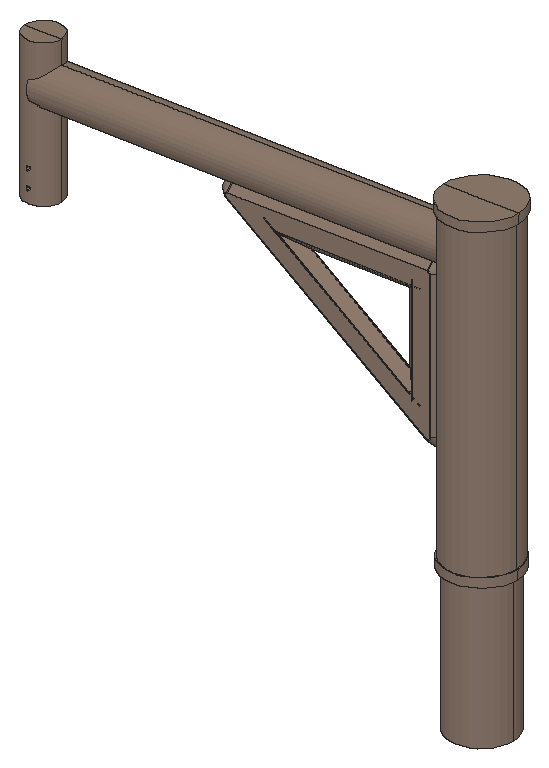
Revit family "PA392", category Generic Models, Revit 2014
Parameters
  TOP CAP = Bronze, Architectural
  TENON = Bronze, Architectural
  OUTLET = Bronze, Architectural
  BODY = Bronze, Architectural
  ARM02 = Bronze, Architectural
  ARM = Bronze, Architectural
Reference planes (in)
  plane 1 "Center (Front/Back)": y = 0
  plane 2: z = 0
  plane 3 "Center (Left/Right)": x = 0
Forms (in)
  Revolve 1, solid, material "Bronze, Architectural" <- "TENON"
    sketch origin (0, 0, 0) x (1, 0, 0) y (0, 0, 1)
      loop
        line (0, 8) -> (-1.75, 8) -> (-1.75, 0) -> (0, 0) -> (0, 8)
      axis (0, 8) -> (0, 0)
    angle from 0 to 360
  Revolve 2, solid, material "Bronze, Architectural" <- "TENON"
    sketch origin (0, 0, 0) x (1, 0, 0) y (0, 0, 1)
      loop
        line (0, 8) -> (0, 8.5) -> (-2, 8.5) -> (-2, 8) -> (0, 8)
      axis (0, 8) -> (0, 8.5)
    angle from 0 to 360
  Revolve 3, solid, material "Bronze, Architectural" <- "BODY"
    sketch origin (0, 0, 0) x (1, 0, 0) y (0, 0, 1)
      loop
        line (0, 25.5) -> (-1.9375, 25.5) -> (-1.9375, 8.5) -> (0, 8.5) -> (0, 25.5)
      axis (0, 8.5) -> (0, 25.5)
    angle from 0 to 360
  Revolve 4, solid, material "Bronze, Architectural" <- "TOP CAP"
    sketch origin (0, 0, 0) x (1, 0, 0) y (0, 0, 1)
      loop
        line (0, 26) -> (-2.0625, 26) -> (-2.0625, 25.5) -> (0, 25.5) -> (0, 26)
      axis (0, 26) -> (0, 25.5)
    angle from 0 to 360
  Revolve 5, solid, material "Bronze, Architectural" <- "ARM"
    sketch origin (0, 0, 0) x (1, 0, 0) y (0, 0, 1)
      loop
        line (-24, 23.375) -> (-24, 22.25) -> (0, 22.25) -> (0, 23.375) -> (-24, 23.375)
      axis (0, 23.375) -> (-24, 23.375)
    angle from 0 to 360
  Revolve 6, solid, material "Bronze, Architectural" <- "OUTLET"
    sketch origin (0, 0, 1.25) x (1, 0, 0) y (0, 0, 1)
      loop
        line (-25, 16.5) -> (-24, 16.5) -> (-24, 24.5) -> (-25, 24.5) -> (-25, 16.5)
      axis (-24, 24.5) -> (-24, 16.5)
    angle from 0 to 360
  Revolve 7, void
    sketch origin (0, 0, 0) x (1, 0, 0) y (0, 0, 1)
      loop
        line (-24, 25.5) -> (-24.875, 25.5) -> (-24.875, 17.75) -> (-24, 17.75) -> (-24, 25.5)
      axis (-24, 17.75) -> (-24, 25.5)
    angle from 0 to 360
  Extrusion 8, void
    sketch origin (0, 0, 0) x (1, 0, 0) y (0, 0, 1)
      loop
        circle (-24, 18.5) r 0.125
      loop
        circle (-24, 19.5) r 0.125
    from -1.1175 to 1.12282
  Revolve 9, void
    sketch origin (0, 0, 0) x (1, 0, 0) y (0, 0, 1)
      loop
        line (0, 8.5) -> (-1.3125, 8.5) -> (-1.3125, 0) -> (0, 0) -> (0, 8.5)
      axis (0, 0) -> (0, 8.5)
    angle from 0 to 360
  Extrusion 10, solid, material "Bronze, Architectural" <- "ARM02"
    sketch origin (0, 0, 0) x (1, 0, 0) y (0, 0, 1)
      loop
        line (-3.56262, 20.75035) -> (-10.47442, 20.75035)
        arc (-10.47442, 20.75035) -> (-10.59325, 20.66414) -> (-10.54817, 20.52442) r 0.125
        line (-10.54817, 20.52442) -> (-3.63637, 15.47371)
        arc (-3.63637, 15.47371) -> (-3.50603, 15.46319) -> (-3.43762, 15.57464) r 0.125
        line (-3.43762, 15.57464) -> (-3.43762, 20.62535)
        arc (-3.43762, 20.62535) -> (-3.47424, 20.71374) -> (-3.56262, 20.75035) r 0.125
      loop
        arc (-2.43762, 21.62535) -> (-2.47424, 21.71374) -> (-2.56262, 21.75035) r 0.125
        line (-2.56262, 21.75035) -> (-13.53782, 21.75035)
        arc (-13.53782, 21.75035) -> (-13.65665, 21.66414) -> (-13.61157, 21.52442) r 0.125
        line (-13.61157, 21.52442) -> (-2.63637, 13.50444)
        arc (-2.63637, 13.50444) -> (-2.50603, 13.49391) -> (-2.43762, 13.60536) r 0.125
        line (-2.43762, 13.60536) -> (-2.43762, 21.62535)
    from -0.5 to 0.5
  SweptBlend 11, solid, material "Bronze, Architectural" <- "ARM02"
    path origin (0, 0, 0) x (1, 0, 0) y (0, 0, 1)
      loop
        line (-2.56262, 21.75035) -> (-13.53782, 21.75035)
    profile origin (-2.56262, 0, 21.75035) x (0, 0, -1) y (0, -1, 0)
      loop
        line (0, 0) -> (0, 0.5) -> (-0.5, 0) -> (0, -0.5) -> (0, 0)
    end profile origin (-13.53782, 0, 21.75035) x (0, 0, -1) y (0, -1, 0)
      loop
        line (0, 0) -> (0, 0.5) -> (-0.5, 0) -> (0, -0.5) -> (0, 0)
  SweptBlend 12, solid, material "Bronze, Architectural" <- "ARM"
    path origin (0, 0, 0) x (1, 0, 0) y (0, 0, 1)
      loop
        line (-2.43762, 21.62535) -> (-2.43762, 13.60536)
    profile origin (-2.43762, 0, 21.62535) x (0, -1, 0) y (1, 0, 0)
      loop
        line (0, 0) -> (0.50012, 0) -> (0, 0.50012) -> (-0.50012, 0) -> (0, 0)
    end profile origin (-2.43762, 0, 13.60536) x (0, -1, 0) y (1, 0, 0)
      loop
        line (0, 0) -> (0.5, 0) -> (0, 0.5) -> (-0.5, 0) -> (0, 0)
  SweptBlend 13, solid, material "Bronze, Architectural" <- "ARM"
    path origin (0, 0, 0) x (1, 0, 0) y (0, 0, 1)
      loop
        arc (-2.18756, 21.62535) -> (-2.29742, 21.89056) -> (-2.56262, 22.00041) r 0.37506
    profile origin (-2.18756, 0, 21.62535) x (-1, 0, 0) y (0, -1, 0)
      loop
        line (0.25006, -0.50012) -> (0.25006, 0.50012) -> (-0.25006, 0) -> (0.25006, -0.50012)
    end profile origin (-2.56262, 0, 22.00041) x (0, 0, -1) y (0, -1, 0)
      loop
        line (0.25006, 0.5) -> (-0.24994, 0) -> (0.25006, -0.5) -> (0.25006, 0.5)
  Sweep 14, solid, material "Bronze, Architectural" <- "ARM"
    path origin (0, 0, 0) x (1, 0, 0) y (0, 0, 1)
      loop
        line (-13.61157, 21.52442) -> (-2.63637, 13.50444)
    profile origin (-8.12397, 0, 17.51443) x (0.59, 0, 0.807403) y (0, -1, 0)
      loop
        line (0, 0) -> (0, 0.5) -> (-0.5, 0) -> (0, -0.5) -> (0, 0)
  SweptBlend 15, solid, material "Bronze, Architectural" <- "ARM"
    path origin (0, 0, 0) x (1, 0, 0) y (0, 0, 1)
      loop
        arc (-13.53782, 22.25035) -> (-14.12854, 21.81818) -> (-13.90657, 21.12072) r 0.62665
    profile origin (-13.53782, 0, 22.25035) x (0.007967, 0, -0.999968) y (0, -1, 0)
      loop
        line (0.49998, -0.49998) -> (0.49998, 0.5) -> (-0.00001, 0.00001) -> (0.49998, -0.49998)
    end profile origin (-13.90657, 0, 21.12072) x (0.596414, 0, 0.802677) y (0, -1, 0)
      loop
        line (0.49998, -0.51179) -> (0.49998, 0.5) -> (-0.00592, -0.0059) -> (0.49998, -0.51179)
  SweptBlend 16, solid, material "Bronze, Architectural" <- "ARM"
    path origin (0, 0, 0) x (1, 0, 0) y (0, 0, 1)
      loop
        arc (-1.93762, 13.60536) -> (-2.28063, 13.05004) -> (-2.93137, 13.10074) r 0.62682
    profile origin (-1.93762, 0, 13.60536) x (0.999984, 0, -0.005696) y (0, -1, 0)
      loop
        line (-0.49999, 0.49802) -> (-0.49999, -0.5) -> (-0.00098, -0.00099) -> (-0.49999, 0.49802)
    end profile origin (-2.93137, 0, 13.10074) x (-0.585391, 0, -0.810751) y (0, -1, 0)
      loop
        line (-0.49999, 0.49469) -> (-0.49999, -0.5) -> (-0.00265, -0.00265) -> (-0.49999, 0.49469)
  Sweep 17, solid, material "Bronze, Architectural" <- "ARM"
    path origin (0, 0, 0) x (1, 0, 0) y (0, 0, 1)
      loop
        line (-2.99134, 20.75035) -> (-10.99134, 20.75035)
    profile origin (-6.99134, 0, 20.75035) x (0, 0, -1) y (0, -1, 0)
      loop
        line (0, -0.5) -> (0.5, 0) -> (0, 0.5) -> (0, -0.5)
  Sweep 18, solid, material "Bronze, Architectural" <- "ARM"
    path origin (0, 0, 0) x (1, 0, 0) y (0, 0, 1)
      loop
        line (-3.43762, 21.07606) -> (-3.43762, 15.07606)
    profile origin (-3.43762, 0, 18.07606) x (0, -1, 0) y (1, 0, 0)
      loop
        line (-0.5, 0) -> (0, -0.5) -> (0.5, 0) -> (-0.5, 0)
  Sweep 19, solid, material "Bronze, Architectural" <- "ARM"
    path origin (0, 0, 0) x (1, 0, 0) y (0, 0, 1)
      loop
        line (-2.99692, 15.00644) -> (-11.50856, 21.22621)
    profile origin (-7.25274, 0, 18.11633) x (-0.59, 0, -0.807403) y (0, -1, 0)
      loop
        line (0, -0.5) -> (0, 0.5) -> (-0.5, 0) -> (0, -0.5)
Cuts and joins
  Revolve 7 cuts Revolve 5
  Revolve 7, Extrusion 8 cuts Revolve 6
  Revolve 9 cuts Revolve 1
  Revolve 9 cuts Revolve 2
  Revolve 9 cuts Revolve 3
  joined: Extrusion 10, SweptBlend 11
Lines and regions (in)
  model lines
    curve 1: line (0, 0, 22.25) -> (0, 0, 24.5)
    curve 2: line (0, 0, 23.375) -> (-0.75, 0, 23.375)
Dimensions and locks (in)
  aligned and locked: plane 2 to level
